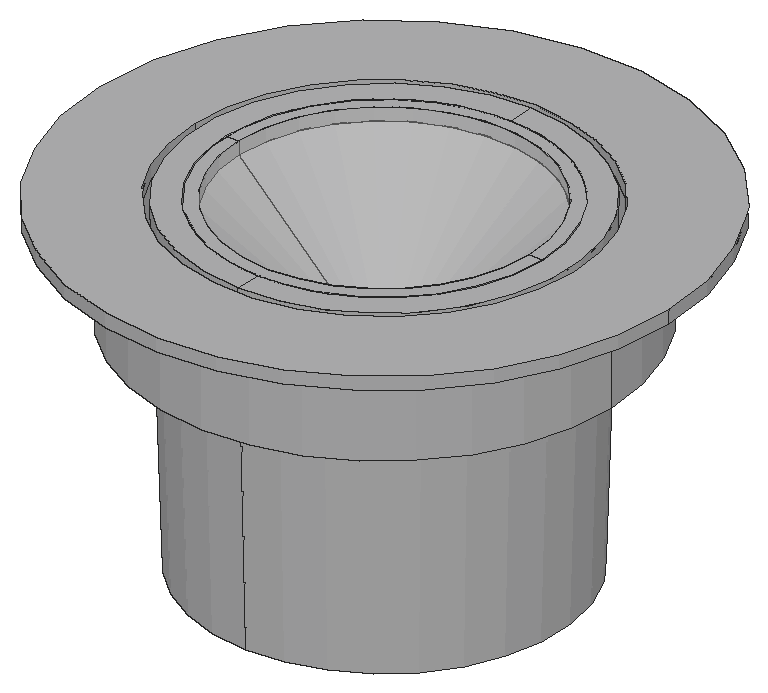
Revit family "3079382 Feilo Sylvania Lighting Fixture INSTAR PRO LED ADJ WH NW + DB", category Lighting Fixtures, host Face, Revit 2017
Family settings
  Host = Face
  Round Connector Dimension = Use Diameter
  Part Type = Normal
  OmniClass Number = 23.80.70.11.17
  OmniClass Title = Specialized Lighting by Location or Use
  Cut with Voids When Loaded = No
  Light Source = No
  Shared = No
  Room Calculation Point = No
Parameters (values of type "3079382 INSTAR PRO LED ADJ WH NW + DB")
  Weight = "6.62 kg"
  WarrantyStartDate [instance] = "n/a"
  WarrantyGuarantorParts = "n/a"
  WarrantyDurationUnit = "n/a"
  WarrantyDurationParts = "n/a"
  WarrantyDescription = "n/a"
  Voltage = 240 V
  URL = "http://www.sylvania-lighting.com"
  TypeName = "INSTAR PRO LED ADJ WH NW + DB"
  TypeHead_FEILO = Instar Pro Rotateable Head : 3079382 INSTAR PRO LED ADJ WH NW + DB
  SerialNumber [instance] = "n/a"
  PowerFactor = 0
  PowerConsumption = "13 W"
  NominalWidth = 0.0 mm
  NominalLength = 90.0 mm
  NominalHeight = 60.0 mm
  Name = "INSTAR PRO LED ADJ WH NW + DB"
  ModelReference = "INSTAR PRO LED ADJ WH NW + DB"
  ModelNumber = "3079382"
  Material_1_FEILO = Aluminum_Sylvania_Instar Eco Kit Adjustable SunDim_Bright
  RecessedDepth_FEILO = 138.0 mm
  Material = "aluminium housing, glass diffuser"
  ManufacturerName = "Feilo Sylvania"
  LuminousEfficacy = "60 lm/W"
  LuminaireType = ""
  LightOutputRatio = "100"
  LampsType = Lamp  # "LED"
  LampNominalLuminous = "810 lm"
  LampMacAdamStep = "n/a"
  LampColourTemperature = "4000 K"
  LampColourRenderingIndex = "0"
  Keynote = "16500"
  InstallationDate [instance] = "n/a"
  InputVoltage = "240V~"
  InputNominalFrequency = "n/a"
  IngressProtection = "IP20"
  ImpactProtectionIndex = "IK02"
  IfcExportType = "IfcLightFixtureType"
  IfcExportAs = "IfcLightFixtureType"
  ExpectedLife = 50000
  EndAngle_FEILO [instance] = FixtureTiltAngle_FEILO + 180.00°  # 180.00°
  ElectricShockClassification = "Class II"
  DurationUnit = "hours"
  DocumentationLiterature = "http://www.sylvania-lighting.com/product/en-int/products/3079382"
  DimmingControlOptions = "n/a"
  CreatedOn = "2/20/2018"
  CreatedBy = ""
  BarCode [instance] = "n/a"
  AssetType = "Fixed"
  AssetIdentifier [instance] = "n/a"
  AccessoryBodyOuterDiameter_FEILO = 62.0 mm
  Offset_FEILO = -5.3 mm  # constant formula
  Diameter_FEILO = AccessoryOuterDiameter_FEILO  # 90.0 mm
  AccessoryInnerDiameter_FEILO = 60.0 mm
  FixtureTiltAngle_FEILO [instance] = 0.00°
  CutoutDiameter_FEILO = 75.0 mm
  Material_2_FEILO = Aluminum_Sylvania_Instar Eco Kit Adjustable SunDim_White
  Material_3_FEILO = Aluminum_Sylvania_Instar Eco Kit Adjustable SunDim_White
  built-in parameter 1114216 [instance] = 1 (stored number, unit not read)
  Model = "INSTAR PRO LED ADJ WH NW + DB"
  Manufacturer = "Feilo Sylvania"  # constant formula
  Lamp = "LED"
  Material_4_FEILO = Glass_Sylvania_Instar Eco Kit Adjustable SunDim_Clear
  Description = "Utilsing SunDim technology to acheive warmer colour temperature as the fitting is dimmed. Incredible colour quality with 92  to 94 CRI. 12W LED white downlight. Ideal for hospitality accent and display lighting applications such as bathrooms, wellness areas, terraces or porches. Choice of fixed, adjustable and dimmable fixed versions. Comes complete and ready to install with its driver. Available in white and brushed aluminium finishes. Outstanding performace, up to 545lm - at 3,000K. A small 68mm round cut out is required, giving the ability to place your light source almost anywhere due to a shallow luminaire depth of 49.9mm. Quick and easy to install. No UV or IR radiations. LED technology provides energy efficient solution and reduced maintenance costs"  # constant formula
  Default Elevation = 0.0 mm
  built-in parameter 1140040 [instance] = 1
  Assembly Code = "D5020200"
  Apparent Load = 13 VA
  AccessoryBodyInnerDiameter_FEILO = 72.0 mm
  AccessoryOuterDiameter_FEILO = AccessoryBodyInnerDiameter_FEILO + 18.0 mm  # 90.0 mm
Reference planes
  plane 1 "Center (Front/Back)": y = 0
  plane 2: z = 0
  plane 3 "Center (Left/Right)": x = 0
  plane 4 "Fixture Bottom": z = 2
  plane 5 "Accessory Top": z = -15
  plane 6 "Rotation Plane": z = -5.29
  plane 7: y = 5
  plane 8: y = -5
  plane 9: x = -5
Forms (mm)
  Extrusion 1, void
    sketch origin (0, 0, 58) x (-1, 0, 0) y (0, -1, 0)
      loop
        circle (0, 0) r 37.5
    from -376.952 to -56
  Extrusion 2, solid, material "Aluminum_Sylvania_Instar Eco Kit Adjustable SunDim_White" <- "Material_3_FEILO"
    sketch origin (0, 0, 58) x (-1, 0, 0) y (0, -1, 0)
      loop
        circle (0, 0) r 45
      loop
        circle (0, 0) r 30
    from -58 to -56
  Extrusion 3, solid, material "Aluminum_Sylvania_Instar Eco Kit Adjustable SunDim_White" <- "Material_3_FEILO"
    sketch origin (0, 0, 58) x (-1, 0, 0) y (0, -1, 0)
      loop
        circle (0, 0) r 36
      loop
        circle (0, 0) r 31
    from -73 to -58
  Revolve 4, solid, not visible
    sketch origin (1.164, -4572, -5.29) x (-1, 0, 0) y (0, -1, 0)
      loop
        line (1.164, -4577) -> (6.164, -4577) -> (6.164, -4567) -> (1.164, -4567) -> (1.164, -4577)
      axis (1.164, -4577) -> (1.164, -4567)
    angle from 0 <- "FixtureTiltAngle_FEILO" to 180 <- "EndAngle_FEILO"
Cuts and joins
  joined: Extrusion 2, Extrusion 3
Dimensions and locks
  locked: plane 4 "Fixture Bottom" to plane 2 at 2
  locked: plane 2 to plane 5 "Accessory Top" at 15
  locked: plane 2 to plane 6 "Rotation Plane" at 5.29
  plane 8 to plane 1 "Center (Front/Back)" to plane 7 = 5.0 mm locked, 5.0 mm locked
  locked: plane 9 to plane 3 "Center (Left/Right)" at 5
  "AccessoryOuterDiameter_FEILO": diameter of Extrusion 2 sketch curve
  "AccessoryInnerDiameter_FEILO": diameter of Extrusion 2 sketch curve
  "AccessoryBodyOuterDiameter_FEILO": diameter of Extrusion 3 sketch curve
  "AccessoryBodyInnerDiameter_FEILO": diameter of Extrusion 3 sketch curve
  "CutoutDiameter_FEILO": diameter of Extrusion 1 sketch curve
  aligned and locked: plane 2 to host face
  aligned and locked: level to host face
  aligned and locked: Extrusion 2 to plane 2
  aligned and locked: Extrusion 2 to plane 4 "Fixture Bottom"
  aligned and locked: plane 2 to Extrusion 3
  aligned and locked: Extrusion 3 to plane 5 "Accessory Top"
  aligned and locked: plane 4 "Fixture Bottom" to Extrusion 1
  aligned and locked: plane 3 "Center (Left/Right)" to Revolve 4 sketch curve
  aligned and locked: Revolve 4 sketch curve to plane 3 "Center (Left/Right)"
  aligned and locked: plane 8 to Revolve 4 sketch curve
  aligned and locked: Revolve 4 sketch curve to plane 7
  aligned and locked: Revolve 4 sketch curve to plane 9
  aligned and locked: nested 1 to Revolve 4
Automatic sketch dimensions
  host sketch curve to host sketch curve = 345.0 mm
  host sketch curve to host sketch curve = 280.0 mm
  Revolve 4 sketch curve to plane 3 "Center (Left/Right)" = 0.0 mm  (x2)
  Revolve 4 sketch curve to plane 7 = 806.717 mm
  plane 8 to Revolve 4 sketch curve = 758.171 mm
  plane 1 "Center (Front/Back)" to Extrusion 1 sketch curve = 0.0 mm
  Extrusion 1 sketch curve to plane 3 "Center (Left/Right)" = 0.0 mm
  Extrusion 2 sketch curve to Extrusion 2 sketch curve = 0.0 mm  (x2)
  plane 1 "Center (Front/Back)" to Extrusion 2 sketch curve = 0.0 mm
  Extrusion 2 sketch curve to plane 3 "Center (Left/Right)" = 0.0 mm
  Extrusion 3 sketch curve to Extrusion 3 sketch curve = 0.0 mm  (x2)
  plane 1 "Center (Front/Back)" to Extrusion 3 sketch curve = 0.0 mm
  Extrusion 3 sketch curve to plane 3 "Center (Left/Right)" = 0.0 mm
Nested families
  nested 1: "Instar Pro Rotateable Head" at (-1.973, 0, 0.01) x (0, -1, 0) z (0, 0, -1), type <- "TypeHead_FEILO", type "3079382 INSTAR PRO LED ADJ WH NW + DB"
Definition of nested family "Instar Pro Rotateable Head"
  Parameters (values of type "3079384 INSTAR PRO LED ADJ BA NW + DB")
    Wattage = 13 W
    built-in parameter 1150110 = 1 (stored number, unit not read)
    URL = "http://www.feilosylvania.com"
    built-in parameter 1114217 = 1 (stored number, unit not read)
    Tilt Angle = 90.00°
    built-in parameter 1150109 = 1 (stored number, unit not read)
    built-in parameter 1150134 = 12
    built-in parameter 1150113 = 1 (stored number, unit not read)
    Model = "INSTAR PRO LED ADJ BA NW + DB"
    Material_1_FEILO = none
    Photometric Web File = "3079384.ies"
    Outer Radius = 29.0 mm
    Manufacturer = "Feilo Sylvania"
    built-in parameter 1150105 = 1200.1 (stored number, unit not read)
    Lumens = 780 lm
    built-in parameter 1150115 = 1 (stored number, unit not read)
    built-in parameter 1150137 = (empty or 0)
    built-in parameter 1150139 = (empty or 0)
    built-in parameter 1150112 = 1 (stored number, unit not read)
    built-in parameter 1150114 = 1 (stored number, unit not read)
    Lamp = "LED"
    Keynote = "16500"
    Inner Radius = Outer Radius - 4.0 mm  # 25.0 mm
    built-in parameter 1150132 = 2
    built-in parameter 1150102 = (empty or 0)
    built-in parameter 1150107 = 4000 (stored number, unit not read)
    built-in parameter 1150138 = (empty or 0)
    built-in parameter 1150106 = 12.001 (stored number, unit not read)
    Height = 50.0 mm
    Emit from Circle Diameter = Diffuser Radius * 2  # 46.0 mm
    Emit Shape Visible in Rendering = no
    built-in parameter 1150104 = 5.5742 (stored number, unit not read)
    Dimming Lamp Color Temperature Shift = (empty or 0)
    Diffuser Radius = Outer Radius - 6.0 mm  # 23.0 mm
    Material_2_FEILO = none
    Description = ""
    Default Elevation = 0.0 mm
    Color Filter = 16777215
    Material_3_FEILO = none
    built-in parameter 1114218 = 1 (stored number, unit not read)
    built-in parameter 1150133 = 10 (stored number, unit not read)
    Assembly Code = "D5020200"
    Apparent Load = 13 VA
  Types (4, lengths in mm): name | Wattage | built-in parameter 1150134 | Model | Photometric Web File | built-in parameter 1150105 | Lumens | built-in parameter 1150107 | built-in parameter 1150106 | built-in parameter 1150104 | Apparent Load
    3079384 INSTAR PRO LED ADJ BA NW + DB | 13 W | 12 | "INSTAR PRO LED ADJ BA NW + DB" | "3079384.ies" | 1200.1 (stored number, unit not read) | 780 lm | 4000 (stored number, unit not read) | 12.001 (stored number, unit not read) | 5.5742 (stored number, unit not read) | 13 VA
    3079383 INSTAR PRO LED ADJ BA WW + DB | 12 W | (empty or 0) | "INSTAR PRO LED ADJ BA WW + DB" | "3079383.ies" | 1023.3 (stored number, unit not read) | 696 lm | 3000 (stored number, unit not read) | 10.233 (stored number, unit not read) | 5.3884 (stored number, unit not read) | 12 VA
    3079382 INSTAR PRO LED ADJ WH NW + DB | 13 W | 12 | "INSTAR PRO LED ADJ WH NW + DB" | "3079382.ies" | 1200.1 (stored number, unit not read) | 780 lm | 4000 (stored number, unit not read) | 12.001 (stored number, unit not read) | 5.5742 (stored number, unit not read) | 13 VA
    3079381 INSTAR PRO LED ADJ WH WW + DB | 12 W | (empty or 0) | "INSTAR PRO LED ADJ WH WW + DB" | "3079381.ies" | 1023.3 (stored number, unit not read) | 696 lm | 3000 (stored number, unit not read) | 10.233 (stored number, unit not read) | 5.3884 (stored number, unit not read) | 12 VA
  Reference planes
    plane 1 "Center (Front/Back)": y = -1.973
    plane 2: z = 0
    plane 3 "Center (Left/Right)": x = 0
    plane 4: z = -2
    plane 5: z = 50
    plane 6: z = 46
    plane 7: z = 5.3
  Forms (mm)
    Revolve 1, solid, material <- "Material_1_FEILO", detail levels fine
      sketch origin (0, 0, 0) x (0, 1, 0) y (0, 0, 1)
        loop
          line (23.027, -2) -> (17.433, 17) -> (-1.973, 17) -> (-1.973, 15) -> (5.129, 15) -> (21.027, 0) -> (21.027, -2) -> (23.027, -2)
        axis (-1.973, 17) -> (-1.973, -2)
      angle from 0 to 360
    Extrusion 2, solid, material <- "Material_2_FEILO", detail levels fine
      sketch origin (0, 0, 0) x (1, 0, 0) y (0, 1, 0)
        loop
          circle (0, -1.973) r 23
      from -2 to 0
    Revolve 3, solid, material <- "Material_3_FEILO", detail levels fine
      sketch origin (0, -1.973, 0) x (1, 0, 0) y (0, 0, 1)
        loop
          line (-29, -2) -> (-25, -2) -> (-23.5, 46) -> (0, 46) -> (0, 50) -> (-27.375, 50) -> (-29, -2)
        axis (0, 50) -> (0, -2)
      angle from 0 to 360
    Revolve 4, solid, material <- "Material_3_FEILO", detail levels coarse+medium
      sketch origin (0, -1.973, 0) x (1, 0, 0) y (0, 0, 1)
        loop
          line (-29, -2) -> (0, -2) -> (0, 50) -> (-22, 50) -> (-29, -2)
        axis (0, 50) -> (0, -2)
      angle from 0 to 360
  Dimensions and locks
    "Outer Radius": plane 3 "Center (Left/Right)" to Revolve 3 sketch curve
    locked: Revolve 3 sketch curve to Revolve 3 sketch curve at 4
    locked: Revolve 3 sketch curve to Revolve 3 sketch curve at 3.998
    "Inner Radius": Revolve 1 sketch curve to plane 1 "Center (Front/Back)"
    locked: Revolve 1 sketch curve to Revolve 1 sketch curve at 2
    locked: plane 7 to plane 2 at 5.3
    "Outer Radius": imposter light to Revolve 4 sketch curve
    locked: level to plane 4 at 2
    locked: plane 5 to plane 6 at 4
    "Height": plane 5 to level
    "Diffuser Radius": radius of Extrusion 2 sketch curve
    aligned and locked: level to plane 2
    aligned and locked: Revolve 1 sketch curve to plane 4
    aligned and locked: plane 1 "Center (Front/Back)" to Revolve 1 sketch curve
    aligned and locked: Revolve 1 sketch curve to plane 1 "Center (Front/Back)"
    aligned and locked: plane 4 to Revolve 1 sketch curve
    aligned and locked: plane 2 to Revolve 1 sketch curve
    aligned and locked: Revolve 1 sketch curve to Revolve 1 sketch curve
    aligned and locked: Extrusion 2 to plane 4
    aligned and locked: plane 2 to Extrusion 2
    aligned and locked: Revolve 3 sketch curve to plane 5
    aligned and locked: Revolve 3 sketch curve to plane 6
    aligned and locked: Revolve 3 sketch curve to plane 3 "Center (Left/Right)"  (x2)
    aligned and locked: plane 3 "Center (Left/Right)" to imposter light
    aligned and locked: plane 1 "Center (Front/Back)" to imposter light
    aligned and locked: plane 4 to imposter light
    aligned and locked: Revolve 4 sketch curve to plane 5
    aligned and locked: Revolve 4 sketch curve to plane 4
    aligned and locked: Revolve 4 sketch curve to plane 3 "Center (Left/Right)"
  Automatic sketch dimensions
    Revolve 1 sketch curve to plane 1 "Center (Front/Back)" = 7.102 mm
    Revolve 1 sketch curve to Revolve 1 sketch curve = 12.304 mm
    Revolve 1 sketch curve to plane 7 = 9.7 mm
    Revolve 1 sketch curve to Revolve 1 sketch curve = 2.0 mm
    Revolve 1 sketch curve to plane 4 = 14.644 mm
    Revolve 1 sketch curve to plane 6 = 11.383 mm
    plane 1 "Center (Front/Back)" to Extrusion 2 sketch curve = 0.0 mm
    Extrusion 2 sketch curve to plane 3 "Center (Left/Right)" = 0.0 mm
    Revolve 3 sketch curve to plane 4 = 0.0 mm
    Revolve 3 sketch curve to plane 4 = 30.928 mm
    Revolve 3 sketch curve to Revolve 3 sketch curve = 20.072 mm
    Revolve 4 sketch curve to plane 3 "Center (Left/Right)" = 0.0 mm
    Revolve 4 sketch curve to plane 3 "Center (Left/Right)" = 22.0 mm
    Revolve 4 sketch curve to plane 4 = 30.928 mm
    Revolve 4 sketch curve to Revolve 4 sketch curve = 20.072 mm
